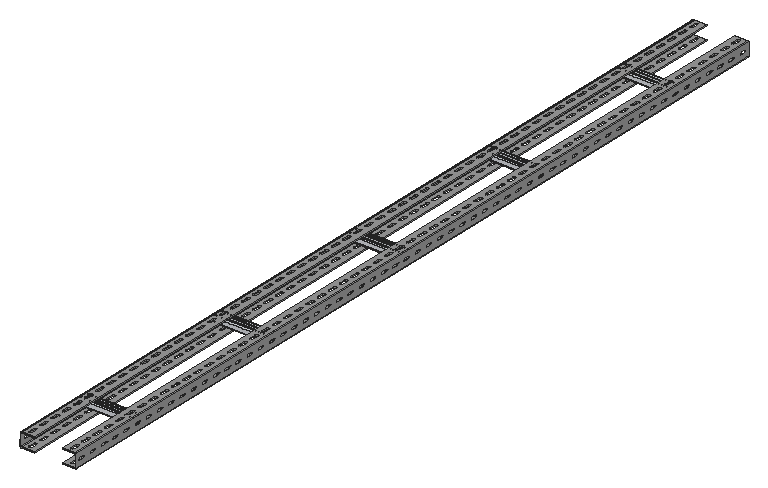
Revit family "steigeleiter_2_FT_FTSO_FTK_A2_A4.200rfa", category Generic Models, Revit 2017 (continued)
Forms (mm)
  Extrusion 151, void
    sketch origin (0, 1450, 0) x (0, 1, 0) y (0, 0, 1)
      loop
        arc (15.5, 30.5) -> (10, 25) -> (15.5, 19.5) r 5.5
        line (15.5, 19.5) -> (34.5, 19.5)
        arc (34.5, 19.5) -> (40, 25) -> (34.5, 30.5) r 5.5
        line (34.5, 30.5) -> (15.5, 30.5)
    from 97.5 to 100
  Extrusion 152, void
    sketch origin (0, 1500, 0) x (0, 1, 0) y (0, 0, 1)
      loop
        arc (15.5, 30.5) -> (10, 25) -> (15.5, 19.5) r 5.5
        line (15.5, 19.5) -> (34.5, 19.5)
        arc (34.5, 19.5) -> (40, 25) -> (34.5, 30.5) r 5.5
        line (34.5, 30.5) -> (15.5, 30.5)
    from 97.5 to 100
  Extrusion 153, void
    sketch origin (0, 1550, 0) x (0, 1, 0) y (0, 0, 1)
      loop
        arc (15.5, 30.5) -> (10, 25) -> (15.5, 19.5) r 5.5
        line (15.5, 19.5) -> (34.5, 19.5)
        arc (34.5, 19.5) -> (40, 25) -> (34.5, 30.5) r 5.5
        line (34.5, 30.5) -> (15.5, 30.5)
    from 97.5 to 100
  Extrusion 154, void
    sketch origin (0, 1600, 0) x (0, 1, 0) y (0, 0, 1)
      loop
        arc (15.5, 30.5) -> (10, 25) -> (15.5, 19.5) r 5.5
        line (15.5, 19.5) -> (34.5, 19.5)
        arc (34.5, 19.5) -> (40, 25) -> (34.5, 30.5) r 5.5
        line (34.5, 30.5) -> (15.5, 30.5)
    from 97.5 to 100
  Extrusion 155, void
    sketch origin (0, 1650, 0) x (0, 1, 0) y (0, 0, 1)
      loop
        arc (15.5, 30.5) -> (10, 25) -> (15.5, 19.5) r 5.5
        line (15.5, 19.5) -> (34.5, 19.5)
        arc (34.5, 19.5) -> (40, 25) -> (34.5, 30.5) r 5.5
        line (34.5, 30.5) -> (15.5, 30.5)
    from 97.5 to 100
  Extrusion 156, void
    sketch origin (0, 1700, 0) x (0, 1, 0) y (0, 0, 1)
      loop
        arc (15.5, 30.5) -> (10, 25) -> (15.5, 19.5) r 5.5
        line (15.5, 19.5) -> (34.5, 19.5)
        arc (34.5, 19.5) -> (40, 25) -> (34.5, 30.5) r 5.5
        line (34.5, 30.5) -> (15.5, 30.5)
    from 97.5 to 100
  Extrusion 157, void
    sketch origin (0, 1750, 0) x (0, 1, 0) y (0, 0, 1)
      loop
        arc (15.5, 30.5) -> (10, 25) -> (15.5, 19.5) r 5.5
        line (15.5, 19.5) -> (34.5, 19.5)
        arc (34.5, 19.5) -> (40, 25) -> (34.5, 30.5) r 5.5
        line (34.5, 30.5) -> (15.5, 30.5)
    from 97.5 to 100
  Extrusion 158, void
    sketch origin (0, 1800, 0) x (0, 1, 0) y (0, 0, 1)
      loop
        arc (15.5, 30.5) -> (10, 25) -> (15.5, 19.5) r 5.5
        line (15.5, 19.5) -> (34.5, 19.5)
        arc (34.5, 19.5) -> (40, 25) -> (34.5, 30.5) r 5.5
        line (34.5, 30.5) -> (15.5, 30.5)
    from 97.5 to 100
  Extrusion 159, void
    sketch origin (0, 1850, 0) x (0, 1, 0) y (0, 0, 1)
      loop
        arc (15.5, 30.5) -> (10, 25) -> (15.5, 19.5) r 5.5
        line (15.5, 19.5) -> (34.5, 19.5)
        arc (34.5, 19.5) -> (40, 25) -> (34.5, 30.5) r 5.5
        line (34.5, 30.5) -> (15.5, 30.5)
    from 97.5 to 100
  Extrusion 160, void
    sketch origin (0, 1900, 0) x (0, 1, 0) y (0, 0, 1)
      loop
        arc (15.5, 30.5) -> (10, 25) -> (15.5, 19.5) r 5.5
        line (15.5, 19.5) -> (34.5, 19.5)
        arc (34.5, 19.5) -> (40, 25) -> (34.5, 30.5) r 5.5
        line (34.5, 30.5) -> (15.5, 30.5)
    from 97.5 to 100
  Extrusion 161, void
    sketch origin (0, 1950, 0) x (0, 1, 0) y (0, 0, 1)
      loop
        arc (15.5, 30.5) -> (10, 25) -> (15.5, 19.5) r 5.5
        line (15.5, 19.5) -> (34.5, 19.5)
        arc (34.5, 19.5) -> (40, 25) -> (34.5, 30.5) r 5.5
        line (34.5, 30.5) -> (15.5, 30.5)
    from 97.5 to 100
  Extrusion 162, void
    sketch origin (0, 2000, 0) x (0, 1, 0) y (0, 0, 1)
      loop
        arc (15.5, 30.5) -> (10, 25) -> (15.5, 19.5) r 5.5
        line (15.5, 19.5) -> (34.5, 19.5)
        arc (34.5, 19.5) -> (40, 25) -> (34.5, 30.5) r 5.5
        line (34.5, 30.5) -> (15.5, 30.5)
    from 97.5 to 100
  Extrusion 163, void
    sketch origin (0, 2050, 0) x (0, 1, 0) y (0, 0, 1)
      loop
        arc (15.5, 30.5) -> (10, 25) -> (15.5, 19.5) r 5.5
        line (15.5, 19.5) -> (34.5, 19.5)
        arc (34.5, 19.5) -> (40, 25) -> (34.5, 30.5) r 5.5
        line (34.5, 30.5) -> (15.5, 30.5)
    from 97.5 to 100
  Extrusion 164, void
    sketch origin (0, 2100, 0) x (0, 1, 0) y (0, 0, 1)
      loop
        arc (15.5, 30.5) -> (10, 25) -> (15.5, 19.5) r 5.5
        line (15.5, 19.5) -> (34.5, 19.5)
        arc (34.5, 19.5) -> (40, 25) -> (34.5, 30.5) r 5.5
        line (34.5, 30.5) -> (15.5, 30.5)
    from 97.5 to 100
  Extrusion 165, void
    sketch origin (0, 2150, 0) x (0, 1, 0) y (0, 0, 1)
      loop
        arc (15.5, 30.5) -> (10, 25) -> (15.5, 19.5) r 5.5
        line (15.5, 19.5) -> (34.5, 19.5)
        arc (34.5, 19.5) -> (40, 25) -> (34.5, 30.5) r 5.5
        line (34.5, 30.5) -> (15.5, 30.5)
    from 97.5 to 100
  Extrusion 166, void
    sketch origin (0, 2200, 0) x (0, 1, 0) y (0, 0, 1)
      loop
        arc (15.5, 30.5) -> (10, 25) -> (15.5, 19.5) r 5.5
        line (15.5, 19.5) -> (34.5, 19.5)
        arc (34.5, 19.5) -> (40, 25) -> (34.5, 30.5) r 5.5
        line (34.5, 30.5) -> (15.5, 30.5)
    from 97.5 to 100
  Extrusion 167, void
    sketch origin (0, 2250, 0) x (0, 1, 0) y (0, 0, 1)
      loop
        arc (15.5, 30.5) -> (10, 25) -> (15.5, 19.5) r 5.5
        line (15.5, 19.5) -> (34.5, 19.5)
        arc (34.5, 19.5) -> (40, 25) -> (34.5, 30.5) r 5.5
        line (34.5, 30.5) -> (15.5, 30.5)
    from 97.5 to 100
  Extrusion 168, void
    sketch origin (0, 2300, 0) x (0, 1, 0) y (0, 0, 1)
      loop
        arc (15.5, 30.5) -> (10, 25) -> (15.5, 19.5) r 5.5
        line (15.5, 19.5) -> (34.5, 19.5)
        arc (34.5, 19.5) -> (40, 25) -> (34.5, 30.5) r 5.5
        line (34.5, 30.5) -> (15.5, 30.5)
    from 97.5 to 100
  Extrusion 169, void
    sketch origin (0, 2350, 0) x (0, 1, 0) y (0, 0, 1)
      loop
        arc (15.5, 30.5) -> (10, 25) -> (15.5, 19.5) r 5.5
        line (15.5, 19.5) -> (34.5, 19.5)
        arc (34.5, 19.5) -> (40, 25) -> (34.5, 30.5) r 5.5
        line (34.5, 30.5) -> (15.5, 30.5)
    from 97.5 to 100
  Extrusion 170, void
    sketch origin (0, 2400, 0) x (0, 1, 0) y (0, 0, 1)
      loop
        arc (15.5, 30.5) -> (10, 25) -> (15.5, 19.5) r 5.5
        line (15.5, 19.5) -> (34.5, 19.5)
        arc (34.5, 19.5) -> (40, 25) -> (34.5, 30.5) r 5.5
        line (34.5, 30.5) -> (15.5, 30.5)
    from 97.5 to 100
  Extrusion 171, void
    sketch origin (0, 2450, 0) x (0, 1, 0) y (0, 0, 1)
      loop
        arc (15.5, 30.5) -> (10, 25) -> (15.5, 19.5) r 5.5
        line (15.5, 19.5) -> (34.5, 19.5)
        arc (34.5, 19.5) -> (40, 25) -> (34.5, 30.5) r 5.5
        line (34.5, 30.5) -> (15.5, 30.5)
    from 97.5 to 100
  Extrusion 172, void
    sketch origin (0, 2500, 0) x (0, 1, 0) y (0, 0, 1)
      loop
        arc (15.5, 30.5) -> (10, 25) -> (15.5, 19.5) r 5.5
        line (15.5, 19.5) -> (34.5, 19.5)
        arc (34.5, 19.5) -> (40, 25) -> (34.5, 30.5) r 5.5
        line (34.5, 30.5) -> (15.5, 30.5)
    from 97.5 to 100
  Extrusion 173, void
    sketch origin (0, 2550, 0) x (0, 1, 0) y (0, 0, 1)
      loop
        arc (15.5, 30.5) -> (10, 25) -> (15.5, 19.5) r 5.5
        line (15.5, 19.5) -> (34.5, 19.5)
        arc (34.5, 19.5) -> (40, 25) -> (34.5, 30.5) r 5.5
        line (34.5, 30.5) -> (15.5, 30.5)
    from 97.5 to 100
  Extrusion 174, void
    sketch origin (0, 2600, 0) x (0, 1, 0) y (0, 0, 1)
      loop
        arc (15.5, 30.5) -> (10, 25) -> (15.5, 19.5) r 5.5
        line (15.5, 19.5) -> (34.5, 19.5)
        arc (34.5, 19.5) -> (40, 25) -> (34.5, 30.5) r 5.5
        line (34.5, 30.5) -> (15.5, 30.5)
    from 97.5 to 100
  Extrusion 175, void
    sketch origin (0, 2650, 0) x (0, 1, 0) y (0, 0, 1)
      loop
        arc (15.5, 30.5) -> (10, 25) -> (15.5, 19.5) r 5.5
        line (15.5, 19.5) -> (34.5, 19.5)
        arc (34.5, 19.5) -> (40, 25) -> (34.5, 30.5) r 5.5
        line (34.5, 30.5) -> (15.5, 30.5)
    from 97.5 to 100
  Extrusion 176, void
    sketch origin (0, 2700, 0) x (0, 1, 0) y (0, 0, 1)
      loop
        arc (15.5, 30.5) -> (10, 25) -> (15.5, 19.5) r 5.5
        line (15.5, 19.5) -> (34.5, 19.5)
        arc (34.5, 19.5) -> (40, 25) -> (34.5, 30.5) r 5.5
        line (34.5, 30.5) -> (15.5, 30.5)
    from 97.5 to 100
  Extrusion 177, void
    sketch origin (0, 2750, 0) x (0, 1, 0) y (0, 0, 1)
      loop
        arc (15.5, 30.5) -> (10, 25) -> (15.5, 19.5) r 5.5
        line (15.5, 19.5) -> (34.5, 19.5)
        arc (34.5, 19.5) -> (40, 25) -> (34.5, 30.5) r 5.5
        line (34.5, 30.5) -> (15.5, 30.5)
    from 97.5 to 100
  Extrusion 178, void
    sketch origin (0, 2800, 0) x (0, 1, 0) y (0, 0, 1)
      loop
        arc (15.5, 30.5) -> (10, 25) -> (15.5, 19.5) r 5.5
        line (15.5, 19.5) -> (34.5, 19.5)
        arc (34.5, 19.5) -> (40, 25) -> (34.5, 30.5) r 5.5
        line (34.5, 30.5) -> (15.5, 30.5)
    from 97.5 to 100
  Extrusion 179, void
    sketch origin (0, 2850, 0) x (0, 1, 0) y (0, 0, 1)
      loop
        arc (15.5, 30.5) -> (10, 25) -> (15.5, 19.5) r 5.5
        line (15.5, 19.5) -> (34.5, 19.5)
        arc (34.5, 19.5) -> (40, 25) -> (34.5, 30.5) r 5.5
        line (34.5, 30.5) -> (15.5, 30.5)
    from 97.5 to 100
  Extrusion 180, void
    sketch origin (0, 2900, 0) x (0, 1, 0) y (0, 0, 1)
      loop
        arc (15.5, 30.5) -> (10, 25) -> (15.5, 19.5) r 5.5
        line (15.5, 19.5) -> (34.5, 19.5)
        arc (34.5, 19.5) -> (40, 25) -> (34.5, 30.5) r 5.5
        line (34.5, 30.5) -> (15.5, 30.5)
    from 97.5 to 100
  Extrusion 181, void
    sketch origin (0, 2950, 0) x (0, 1, 0) y (0, 0, 1)
      loop
        arc (15.5, 30.5) -> (10, 25) -> (15.5, 19.5) r 5.5
        line (15.5, 19.5) -> (34.5, 19.5)
        arc (34.5, 19.5) -> (40, 25) -> (34.5, 30.5) r 5.5
        line (34.5, 30.5) -> (15.5, 30.5)
    from 97.5 to 100
  Extrusion 182, void
    sketch origin (0, 0, 0) x (1, 0, 0) y (0, 1, 0)
      loop
        arc (-80.5, 15.5) -> (-75, 10) -> (-69.5, 15.5) r 5.5
        line (-69.5, 15.5) -> (-69.5, 34.5)
        arc (-69.5, 34.5) -> (-75, 40) -> (-80.5, 34.5) r 5.5
        line (-80.5, 34.5) -> (-80.5, 15.5)
    from 0 to 2.5
  Extrusion 183, void
    sketch origin (0, 50, 0) x (1, 0, 0) y (0, 1, 0)
      loop
        arc (-80.5, 15.5) -> (-75, 10) -> (-69.5, 15.5) r 5.5
        line (-69.5, 15.5) -> (-69.5, 34.5)
        arc (-69.5, 34.5) -> (-75, 40) -> (-80.5, 34.5) r 5.5
        line (-80.5, 34.5) -> (-80.5, 15.5)
    from 0 to 2.5
  Extrusion 184, void
    sketch origin (0, 100, 0) x (1, 0, 0) y (0, 1, 0)
      loop
        arc (-80.5, 15.5) -> (-75, 10) -> (-69.5, 15.5) r 5.5
        line (-69.5, 15.5) -> (-69.5, 34.5)
        arc (-69.5, 34.5) -> (-75, 40) -> (-80.5, 34.5) r 5.5
        line (-80.5, 34.5) -> (-80.5, 15.5)
    from 0 to 2.5
  Extrusion 185, void
    sketch origin (0, 150, 0) x (1, 0, 0) y (0, 1, 0)
      loop
        arc (-80.5, 15.5) -> (-75, 10) -> (-69.5, 15.5) r 5.5
        line (-69.5, 15.5) -> (-69.5, 34.5)
        arc (-69.5, 34.5) -> (-75, 40) -> (-80.5, 34.5) r 5.5
        line (-80.5, 34.5) -> (-80.5, 15.5)
    from 0 to 2.5
  Extrusion 186, void
    sketch origin (0, 200, 0) x (1, 0, 0) y (0, 1, 0)
      loop
        arc (-80.5, 15.5) -> (-75, 10) -> (-69.5, 15.5) r 5.5
        line (-69.5, 15.5) -> (-69.5, 34.5)
        arc (-69.5, 34.5) -> (-75, 40) -> (-80.5, 34.5) r 5.5
        line (-80.5, 34.5) -> (-80.5, 15.5)
    from 0 to 2.5
  Extrusion 187, void
    sketch origin (0, 250, 0) x (1, 0, 0) y (0, 1, 0)
      loop
        arc (-80.5, 15.5) -> (-75, 10) -> (-69.5, 15.5) r 5.5
        line (-69.5, 15.5) -> (-69.5, 34.5)
        arc (-69.5, 34.5) -> (-75, 40) -> (-80.5, 34.5) r 5.5
        line (-80.5, 34.5) -> (-80.5, 15.5)
    from 0 to 2.5
  Extrusion 188, void
    sketch origin (0, 300, 0) x (1, 0, 0) y (0, 1, 0)
      loop
        arc (-80.5, 15.5) -> (-75, 10) -> (-69.5, 15.5) r 5.5
        line (-69.5, 15.5) -> (-69.5, 34.5)
        arc (-69.5, 34.5) -> (-75, 40) -> (-80.5, 34.5) r 5.5
        line (-80.5, 34.5) -> (-80.5, 15.5)
    from 0 to 2.5
  Extrusion 189, void
    sketch origin (0, 350, 0) x (1, 0, 0) y (0, 1, 0)
      loop
        arc (-80.5, 15.5) -> (-75, 10) -> (-69.5, 15.5) r 5.5
        line (-69.5, 15.5) -> (-69.5, 34.5)
        arc (-69.5, 34.5) -> (-75, 40) -> (-80.5, 34.5) r 5.5
        line (-80.5, 34.5) -> (-80.5, 15.5)
    from 0 to 2.5
  Extrusion 190, void
    sketch origin (0, 400, 0) x (1, 0, 0) y (0, 1, 0)
      loop
        arc (-80.5, 15.5) -> (-75, 10) -> (-69.5, 15.5) r 5.5
        line (-69.5, 15.5) -> (-69.5, 34.5)
        arc (-69.5, 34.5) -> (-75, 40) -> (-80.5, 34.5) r 5.5
        line (-80.5, 34.5) -> (-80.5, 15.5)
    from 0 to 2.5
  Extrusion 191, void
    sketch origin (0, 450, 0) x (1, 0, 0) y (0, 1, 0)
      loop
        arc (-80.5, 15.5) -> (-75, 10) -> (-69.5, 15.5) r 5.5
        line (-69.5, 15.5) -> (-69.5, 34.5)
        arc (-69.5, 34.5) -> (-75, 40) -> (-80.5, 34.5) r 5.5
        line (-80.5, 34.5) -> (-80.5, 15.5)
    from 0 to 2.5
  Extrusion 192, void
    sketch origin (0, 500, 0) x (1, 0, 0) y (0, 1, 0)
      loop
        arc (-80.5, 15.5) -> (-75, 10) -> (-69.5, 15.5) r 5.5
        line (-69.5, 15.5) -> (-69.5, 34.5)
        arc (-69.5, 34.5) -> (-75, 40) -> (-80.5, 34.5) r 5.5
        line (-80.5, 34.5) -> (-80.5, 15.5)
    from 0 to 2.5
  Extrusion 193, void
    sketch origin (0, 550, 0) x (1, 0, 0) y (0, 1, 0)
      loop
        arc (-80.5, 15.5) -> (-75, 10) -> (-69.5, 15.5) r 5.5
        line (-69.5, 15.5) -> (-69.5, 34.5)
        arc (-69.5, 34.5) -> (-75, 40) -> (-80.5, 34.5) r 5.5
        line (-80.5, 34.5) -> (-80.5, 15.5)
    from 0 to 2.5
  Extrusion 194, void
    sketch origin (0, 600, 0) x (1, 0, 0) y (0, 1, 0)
      loop
        arc (-80.5, 15.5) -> (-75, 10) -> (-69.5, 15.5) r 5.5
        line (-69.5, 15.5) -> (-69.5, 34.5)
        arc (-69.5, 34.5) -> (-75, 40) -> (-80.5, 34.5) r 5.5
        line (-80.5, 34.5) -> (-80.5, 15.5)
    from 0 to 2.5
  Extrusion 195, void
    sketch origin (0, 650, 0) x (1, 0, 0) y (0, 1, 0)
      loop
        arc (-80.5, 15.5) -> (-75, 10) -> (-69.5, 15.5) r 5.5
        line (-69.5, 15.5) -> (-69.5, 34.5)
        arc (-69.5, 34.5) -> (-75, 40) -> (-80.5, 34.5) r 5.5
        line (-80.5, 34.5) -> (-80.5, 15.5)
    from 0 to 2.5
  Extrusion 196, void
    sketch origin (0, 700, 0) x (1, 0, 0) y (0, 1, 0)
      loop
        arc (-80.5, 15.5) -> (-75, 10) -> (-69.5, 15.5) r 5.5
        line (-69.5, 15.5) -> (-69.5, 34.5)
        arc (-69.5, 34.5) -> (-75, 40) -> (-80.5, 34.5) r 5.5
        line (-80.5, 34.5) -> (-80.5, 15.5)
    from 0 to 2.5
  Extrusion 197, void
    sketch origin (0, 750, 0) x (1, 0, 0) y (0, 1, 0)
      loop
        arc (-80.5, 15.5) -> (-75, 10) -> (-69.5, 15.5) r 5.5
        line (-69.5, 15.5) -> (-69.5, 34.5)
        arc (-69.5, 34.5) -> (-75, 40) -> (-80.5, 34.5) r 5.5
        line (-80.5, 34.5) -> (-80.5, 15.5)
    from 0 to 2.5
  Extrusion 198, void
    sketch origin (0, 800, 0) x (1, 0, 0) y (0, 1, 0)
      loop
        arc (-80.5, 15.5) -> (-75, 10) -> (-69.5, 15.5) r 5.5
        line (-69.5, 15.5) -> (-69.5, 34.5)
        arc (-69.5, 34.5) -> (-75, 40) -> (-80.5, 34.5) r 5.5
        line (-80.5, 34.5) -> (-80.5, 15.5)
    from 0 to 2.5
  Extrusion 199, void
    sketch origin (0, 850, 0) x (1, 0, 0) y (0, 1, 0)
      loop
        arc (-80.5, 15.5) -> (-75, 10) -> (-69.5, 15.5) r 5.5
        line (-69.5, 15.5) -> (-69.5, 34.5)
        arc (-69.5, 34.5) -> (-75, 40) -> (-80.5, 34.5) r 5.5
        line (-80.5, 34.5) -> (-80.5, 15.5)
    from 0 to 2.5
  Extrusion 200, void
    sketch origin (0, 900, 0) x (1, 0, 0) y (0, 1, 0)
      loop
        arc (-80.5, 15.5) -> (-75, 10) -> (-69.5, 15.5) r 5.5
        line (-69.5, 15.5) -> (-69.5, 34.5)
        arc (-69.5, 34.5) -> (-75, 40) -> (-80.5, 34.5) r 5.5
        line (-80.5, 34.5) -> (-80.5, 15.5)
    from 0 to 2.5
  Extrusion 201, void
    sketch origin (0, 950, 0) x (1, 0, 0) y (0, 1, 0)
      loop
        arc (-80.5, 15.5) -> (-75, 10) -> (-69.5, 15.5) r 5.5
        line (-69.5, 15.5) -> (-69.5, 34.5)
        arc (-69.5, 34.5) -> (-75, 40) -> (-80.5, 34.5) r 5.5
        line (-80.5, 34.5) -> (-80.5, 15.5)
    from 0 to 2.5
  Extrusion 202, void
    sketch origin (0, 1000, 0) x (1, 0, 0) y (0, 1, 0)
      loop
        arc (-80.5, 15.5) -> (-75, 10) -> (-69.5, 15.5) r 5.5
        line (-69.5, 15.5) -> (-69.5, 34.5)
        arc (-69.5, 34.5) -> (-75, 40) -> (-80.5, 34.5) r 5.5
        line (-80.5, 34.5) -> (-80.5, 15.5)
    from 0 to 2.5
  Extrusion 203, void
    sketch origin (0, 1050, 0) x (1, 0, 0) y (0, 1, 0)
      loop
        arc (-80.5, 15.5) -> (-75, 10) -> (-69.5, 15.5) r 5.5
        line (-69.5, 15.5) -> (-69.5, 34.5)
        arc (-69.5, 34.5) -> (-75, 40) -> (-80.5, 34.5) r 5.5
        line (-80.5, 34.5) -> (-80.5, 15.5)
    from 0 to 2.5
  Extrusion 204, void
    sketch origin (0, 1100, 0) x (1, 0, 0) y (0, 1, 0)
      loop
        arc (-80.5, 15.5) -> (-75, 10) -> (-69.5, 15.5) r 5.5
        line (-69.5, 15.5) -> (-69.5, 34.5)
        arc (-69.5, 34.5) -> (-75, 40) -> (-80.5, 34.5) r 5.5
        line (-80.5, 34.5) -> (-80.5, 15.5)
    from 0 to 2.5
  Extrusion 205, void
    sketch origin (0, 1150, 0) x (1, 0, 0) y (0, 1, 0)
      loop
        arc (-80.5, 15.5) -> (-75, 10) -> (-69.5, 15.5) r 5.5
        line (-69.5, 15.5) -> (-69.5, 34.5)
        arc (-69.5, 34.5) -> (-75, 40) -> (-80.5, 34.5) r 5.5
        line (-80.5, 34.5) -> (-80.5, 15.5)
    from 0 to 2.5
  Extrusion 206, void
    sketch origin (0, 1200, 0) x (1, 0, 0) y (0, 1, 0)
      loop
        arc (-80.5, 15.5) -> (-75, 10) -> (-69.5, 15.5) r 5.5
        line (-69.5, 15.5) -> (-69.5, 34.5)
        arc (-69.5, 34.5) -> (-75, 40) -> (-80.5, 34.5) r 5.5
        line (-80.5, 34.5) -> (-80.5, 15.5)
    from 0 to 2.5
  Extrusion 207, void
    sketch origin (0, 1250, 0) x (1, 0, 0) y (0, 1, 0)
      loop
        arc (-80.5, 15.5) -> (-75, 10) -> (-69.5, 15.5) r 5.5
        line (-69.5, 15.5) -> (-69.5, 34.5)
        arc (-69.5, 34.5) -> (-75, 40) -> (-80.5, 34.5) r 5.5
        line (-80.5, 34.5) -> (-80.5, 15.5)
    from 0 to 2.5
  Extrusion 208, void
    sketch origin (0, 1300, 0) x (1, 0, 0) y (0, 1, 0)
      loop
        arc (-80.5, 15.5) -> (-75, 10) -> (-69.5, 15.5) r 5.5
        line (-69.5, 15.5) -> (-69.5, 34.5)
        arc (-69.5, 34.5) -> (-75, 40) -> (-80.5, 34.5) r 5.5
        line (-80.5, 34.5) -> (-80.5, 15.5)
    from 0 to 2.5
  Extrusion 209, void
    sketch origin (0, 1350, 0) x (1, 0, 0) y (0, 1, 0)
      loop
        arc (-80.5, 15.5) -> (-75, 10) -> (-69.5, 15.5) r 5.5
        line (-69.5, 15.5) -> (-69.5, 34.5)
        arc (-69.5, 34.5) -> (-75, 40) -> (-80.5, 34.5) r 5.5
        line (-80.5, 34.5) -> (-80.5, 15.5)
    from 0 to 2.5
  Extrusion 210, void
    sketch origin (0, 1400, 0) x (1, 0, 0) y (0, 1, 0)
      loop
        arc (-80.5, 15.5) -> (-75, 10) -> (-69.5, 15.5) r 5.5
        line (-69.5, 15.5) -> (-69.5, 34.5)
        arc (-69.5, 34.5) -> (-75, 40) -> (-80.5, 34.5) r 5.5
        line (-80.5, 34.5) -> (-80.5, 15.5)
    from 0 to 2.5
  Extrusion 211, void
    sketch origin (0, 1450, 0) x (1, 0, 0) y (0, 1, 0)
      loop
        arc (-80.5, 15.5) -> (-75, 10) -> (-69.5, 15.5) r 5.5
        line (-69.5, 15.5) -> (-69.5, 34.5)
        arc (-69.5, 34.5) -> (-75, 40) -> (-80.5, 34.5) r 5.5
        line (-80.5, 34.5) -> (-80.5, 15.5)
    from 0 to 2.5
  Extrusion 212, void
    sketch origin (0, 1500, 0) x (1, 0, 0) y (0, 1, 0)
      loop
        arc (-80.5, 15.5) -> (-75, 10) -> (-69.5, 15.5) r 5.5
        line (-69.5, 15.5) -> (-69.5, 34.5)
        arc (-69.5, 34.5) -> (-75, 40) -> (-80.5, 34.5) r 5.5
        line (-80.5, 34.5) -> (-80.5, 15.5)
    from 0 to 2.5
  Extrusion 213, void
    sketch origin (0, 1550, 0) x (1, 0, 0) y (0, 1, 0)
      loop
        arc (-80.5, 15.5) -> (-75, 10) -> (-69.5, 15.5) r 5.5
        line (-69.5, 15.5) -> (-69.5, 34.5)
        arc (-69.5, 34.5) -> (-75, 40) -> (-80.5, 34.5) r 5.5
        line (-80.5, 34.5) -> (-80.5, 15.5)
    from 0 to 2.5
  Extrusion 214, void
    sketch origin (0, 1600, 0) x (1, 0, 0) y (0, 1, 0)
      loop
        arc (-80.5, 15.5) -> (-75, 10) -> (-69.5, 15.5) r 5.5
        line (-69.5, 15.5) -> (-69.5, 34.5)
        arc (-69.5, 34.5) -> (-75, 40) -> (-80.5, 34.5) r 5.5
        line (-80.5, 34.5) -> (-80.5, 15.5)
    from 0 to 2.5
  Extrusion 215, void
    sketch origin (0, 1650, 0) x (1, 0, 0) y (0, 1, 0)
      loop
        arc (-80.5, 15.5) -> (-75, 10) -> (-69.5, 15.5) r 5.5
        line (-69.5, 15.5) -> (-69.5, 34.5)
        arc (-69.5, 34.5) -> (-75, 40) -> (-80.5, 34.5) r 5.5
        line (-80.5, 34.5) -> (-80.5, 15.5)
    from 0 to 2.5
  Extrusion 216, void
    sketch origin (0, 1700, 0) x (1, 0, 0) y (0, 1, 0)
      loop
        arc (-80.5, 15.5) -> (-75, 10) -> (-69.5, 15.5) r 5.5
        line (-69.5, 15.5) -> (-69.5, 34.5)
        arc (-69.5, 34.5) -> (-75, 40) -> (-80.5, 34.5) r 5.5
        line (-80.5, 34.5) -> (-80.5, 15.5)
    from 0 to 2.5
  Extrusion 217, void
    sketch origin (0, 1750, 0) x (1, 0, 0) y (0, 1, 0)
      loop
        arc (-80.5, 15.5) -> (-75, 10) -> (-69.5, 15.5) r 5.5
        line (-69.5, 15.5) -> (-69.5, 34.5)
        arc (-69.5, 34.5) -> (-75, 40) -> (-80.5, 34.5) r 5.5
        line (-80.5, 34.5) -> (-80.5, 15.5)
    from 0 to 2.5
  Extrusion 218, void
    sketch origin (0, 1800, 0) x (1, 0, 0) y (0, 1, 0)
      loop
        arc (-80.5, 15.5) -> (-75, 10) -> (-69.5, 15.5) r 5.5
        line (-69.5, 15.5) -> (-69.5, 34.5)
        arc (-69.5, 34.5) -> (-75, 40) -> (-80.5, 34.5) r 5.5
        line (-80.5, 34.5) -> (-80.5, 15.5)
    from 0 to 2.5
  Extrusion 219, void
    sketch origin (0, 1850, 0) x (1, 0, 0) y (0, 1, 0)
      loop
        arc (-80.5, 15.5) -> (-75, 10) -> (-69.5, 15.5) r 5.5
        line (-69.5, 15.5) -> (-69.5, 34.5)
        arc (-69.5, 34.5) -> (-75, 40) -> (-80.5, 34.5) r 5.5
        line (-80.5, 34.5) -> (-80.5, 15.5)
    from 0 to 2.5
  Extrusion 220, void
    sketch origin (0, 1900, 0) x (1, 0, 0) y (0, 1, 0)
      loop
        arc (-80.5, 15.5) -> (-75, 10) -> (-69.5, 15.5) r 5.5
        line (-69.5, 15.5) -> (-69.5, 34.5)
        arc (-69.5, 34.5) -> (-75, 40) -> (-80.5, 34.5) r 5.5
        line (-80.5, 34.5) -> (-80.5, 15.5)
    from 0 to 2.5
  Extrusion 221, void
    sketch origin (0, 1950, 0) x (1, 0, 0) y (0, 1, 0)
      loop
        arc (-80.5, 15.5) -> (-75, 10) -> (-69.5, 15.5) r 5.5
        line (-69.5, 15.5) -> (-69.5, 34.5)
        arc (-69.5, 34.5) -> (-75, 40) -> (-80.5, 34.5) r 5.5
        line (-80.5, 34.5) -> (-80.5, 15.5)
    from 0 to 2.5
  Extrusion 222, void
    sketch origin (0, 2000, 0) x (1, 0, 0) y (0, 1, 0)
      loop
        arc (-80.5, 15.5) -> (-75, 10) -> (-69.5, 15.5) r 5.5
        line (-69.5, 15.5) -> (-69.5, 34.5)
        arc (-69.5, 34.5) -> (-75, 40) -> (-80.5, 34.5) r 5.5
        line (-80.5, 34.5) -> (-80.5, 15.5)
    from 0 to 2.5
  Extrusion 223, void
    sketch origin (0, 2050, 0) x (1, 0, 0) y (0, 1, 0)
      loop
        arc (-80.5, 15.5) -> (-75, 10) -> (-69.5, 15.5) r 5.5
        line (-69.5, 15.5) -> (-69.5, 34.5)
        arc (-69.5, 34.5) -> (-75, 40) -> (-80.5, 34.5) r 5.5
        line (-80.5, 34.5) -> (-80.5, 15.5)
    from 0 to 2.5
  Extrusion 224, void
    sketch origin (0, 2100, 0) x (1, 0, 0) y (0, 1, 0)
      loop
        arc (-80.5, 15.5) -> (-75, 10) -> (-69.5, 15.5) r 5.5
        line (-69.5, 15.5) -> (-69.5, 34.5)
        arc (-69.5, 34.5) -> (-75, 40) -> (-80.5, 34.5) r 5.5
        line (-80.5, 34.5) -> (-80.5, 15.5)
    from 0 to 2.5
  Extrusion 225, void
    sketch origin (0, 2150, 0) x (1, 0, 0) y (0, 1, 0)
      loop
        arc (-80.5, 15.5) -> (-75, 10) -> (-69.5, 15.5) r 5.5
        line (-69.5, 15.5) -> (-69.5, 34.5)
        arc (-69.5, 34.5) -> (-75, 40) -> (-80.5, 34.5) r 5.5
        line (-80.5, 34.5) -> (-80.5, 15.5)
    from 0 to 2.5
  Extrusion 226, void
    sketch origin (0, 2200, 0) x (1, 0, 0) y (0, 1, 0)
      loop
        arc (-80.5, 15.5) -> (-75, 10) -> (-69.5, 15.5) r 5.5
        line (-69.5, 15.5) -> (-69.5, 34.5)
        arc (-69.5, 34.5) -> (-75, 40) -> (-80.5, 34.5) r 5.5
        line (-80.5, 34.5) -> (-80.5, 15.5)
    from 0 to 2.5
  Extrusion 227, void
    sketch origin (0, 2250, 0) x (1, 0, 0) y (0, 1, 0)
      loop
        arc (-80.5, 15.5) -> (-75, 10) -> (-69.5, 15.5) r 5.5
        line (-69.5, 15.5) -> (-69.5, 34.5)
        arc (-69.5, 34.5) -> (-75, 40) -> (-80.5, 34.5) r 5.5
        line (-80.5, 34.5) -> (-80.5, 15.5)
    from 0 to 2.5
  Extrusion 228, void
    sketch origin (0, 2300, 0) x (1, 0, 0) y (0, 1, 0)
      loop
        arc (-80.5, 15.5) -> (-75, 10) -> (-69.5, 15.5) r 5.5
        line (-69.5, 15.5) -> (-69.5, 34.5)
        arc (-69.5, 34.5) -> (-75, 40) -> (-80.5, 34.5) r 5.5
        line (-80.5, 34.5) -> (-80.5, 15.5)
    from 0 to 2.5
  Extrusion 229, void
    sketch origin (0, 2350, 0) x (1, 0, 0) y (0, 1, 0)
      loop
        arc (-80.5, 15.5) -> (-75, 10) -> (-69.5, 15.5) r 5.5
        line (-69.5, 15.5) -> (-69.5, 34.5)
        arc (-69.5, 34.5) -> (-75, 40) -> (-80.5, 34.5) r 5.5
        line (-80.5, 34.5) -> (-80.5, 15.5)
    from 0 to 2.5
  Extrusion 230, void
    sketch origin (0, 2400, 0) x (1, 0, 0) y (0, 1, 0)
      loop
        arc (-80.5, 15.5) -> (-75, 10) -> (-69.5, 15.5) r 5.5
        line (-69.5, 15.5) -> (-69.5, 34.5)
        arc (-69.5, 34.5) -> (-75, 40) -> (-80.5, 34.5) r 5.5
        line (-80.5, 34.5) -> (-80.5, 15.5)
    from 0 to 2.5
  Extrusion 231, void
    sketch origin (0, 2450, 0) x (1, 0, 0) y (0, 1, 0)
      loop
        arc (-80.5, 15.5) -> (-75, 10) -> (-69.5, 15.5) r 5.5
        line (-69.5, 15.5) -> (-69.5, 34.5)
        arc (-69.5, 34.5) -> (-75, 40) -> (-80.5, 34.5) r 5.5
        line (-80.5, 34.5) -> (-80.5, 15.5)
    from 0 to 2.5
  Extrusion 232, void
    sketch origin (0, 2500, 0) x (1, 0, 0) y (0, 1, 0)
      loop
        arc (-80.5, 15.5) -> (-75, 10) -> (-69.5, 15.5) r 5.5
        line (-69.5, 15.5) -> (-69.5, 34.5)
        arc (-69.5, 34.5) -> (-75, 40) -> (-80.5, 34.5) r 5.5
        line (-80.5, 34.5) -> (-80.5, 15.5)
    from 0 to 2.5
  Extrusion 233, void
    sketch origin (0, 2550, 0) x (1, 0, 0) y (0, 1, 0)
      loop
        arc (-80.5, 15.5) -> (-75, 10) -> (-69.5, 15.5) r 5.5
        line (-69.5, 15.5) -> (-69.5, 34.5)
        arc (-69.5, 34.5) -> (-75, 40) -> (-80.5, 34.5) r 5.5
        line (-80.5, 34.5) -> (-80.5, 15.5)
    from 0 to 2.5
  Extrusion 234, void
    sketch origin (0, 2600, 0) x (1, 0, 0) y (0, 1, 0)
      loop
        arc (-80.5, 15.5) -> (-75, 10) -> (-69.5, 15.5) r 5.5
        line (-69.5, 15.5) -> (-69.5, 34.5)
        arc (-69.5, 34.5) -> (-75, 40) -> (-80.5, 34.5) r 5.5
        line (-80.5, 34.5) -> (-80.5, 15.5)
    from 0 to 2.5
  Extrusion 235, void
    sketch origin (0, 2650, 0) x (1, 0, 0) y (0, 1, 0)
      loop
        arc (-80.5, 15.5) -> (-75, 10) -> (-69.5, 15.5) r 5.5
        line (-69.5, 15.5) -> (-69.5, 34.5)
        arc (-69.5, 34.5) -> (-75, 40) -> (-80.5, 34.5) r 5.5
        line (-80.5, 34.5) -> (-80.5, 15.5)
    from 0 to 2.5
  Extrusion 236, void
    sketch origin (0, 2700, 0) x (1, 0, 0) y (0, 1, 0)
      loop
        arc (-80.5, 15.5) -> (-75, 10) -> (-69.5, 15.5) r 5.5
        line (-69.5, 15.5) -> (-69.5, 34.5)
        arc (-69.5, 34.5) -> (-75, 40) -> (-80.5, 34.5) r 5.5
        line (-80.5, 34.5) -> (-80.5, 15.5)
    from 0 to 2.5
  Extrusion 237, void
    sketch origin (0, 2750, 0) x (1, 0, 0) y (0, 1, 0)
      loop
        arc (-80.5, 15.5) -> (-75, 10) -> (-69.5, 15.5) r 5.5
        line (-69.5, 15.5) -> (-69.5, 34.5)
        arc (-69.5, 34.5) -> (-75, 40) -> (-80.5, 34.5) r 5.5
        line (-80.5, 34.5) -> (-80.5, 15.5)
    from 0 to 2.5
  Extrusion 238, void
    sketch origin (0, 2800, 0) x (1, 0, 0) y (0, 1, 0)
      loop
        arc (-80.5, 15.5) -> (-75, 10) -> (-69.5, 15.5) r 5.5
        line (-69.5, 15.5) -> (-69.5, 34.5)
        arc (-69.5, 34.5) -> (-75, 40) -> (-80.5, 34.5) r 5.5
        line (-80.5, 34.5) -> (-80.5, 15.5)
    from 0 to 2.5
  Extrusion 239, void
    sketch origin (0, 2850, 0) x (1, 0, 0) y (0, 1, 0)
      loop
        arc (-80.5, 15.5) -> (-75, 10) -> (-69.5, 15.5) r 5.5
        line (-69.5, 15.5) -> (-69.5, 34.5)
        arc (-69.5, 34.5) -> (-75, 40) -> (-80.5, 34.5) r 5.5
        line (-80.5, 34.5) -> (-80.5, 15.5)
    from 0 to 2.5
  Extrusion 240, void
    sketch origin (0, 2900, 0) x (1, 0, 0) y (0, 1, 0)
      loop
        arc (-80.5, 15.5) -> (-75, 10) -> (-69.5, 15.5) r 5.5
        line (-69.5, 15.5) -> (-69.5, 34.5)
        arc (-69.5, 34.5) -> (-75, 40) -> (-80.5, 34.5) r 5.5
        line (-80.5, 34.5) -> (-80.5, 15.5)
    from 0 to 2.5
  Extrusion 241, void
    sketch origin (0, 2950, 0) x (1, 0, 0) y (0, 1, 0)
      loop
        arc (-80.5, 15.5) -> (-75, 10) -> (-69.5, 15.5) r 5.5
        line (-69.5, 15.5) -> (-69.5, 34.5)
        arc (-69.5, 34.5) -> (-75, 40) -> (-80.5, 34.5) r 5.5
        line (-80.5, 34.5) -> (-80.5, 15.5)
    from 0 to 2.5
  Extrusion 242, void
    sketch origin (0, 0, 0) x (1, 0, 0) y (0, 1, 0)
      loop
        line (80.5, 15.5) -> (80.5, 34.5)
        arc (80.5, 34.5) -> (75, 40) -> (69.5, 34.5) r 5.5
        line (69.5, 34.5) -> (69.5, 15.5)
        arc (69.5, 15.5) -> (75, 10) -> (80.5, 15.5) r 5.5
    from 0 to 2.5
  Extrusion 243, void
    sketch origin (0, 50, 0) x (1, 0, 0) y (0, 1, 0)
      loop
        line (80.5, 15.5) -> (80.5, 34.5)
        arc (80.5, 34.5) -> (75, 40) -> (69.5, 34.5) r 5.5
        line (69.5, 34.5) -> (69.5, 15.5)
        arc (69.5, 15.5) -> (75, 10) -> (80.5, 15.5) r 5.5
    from 0 to 2.5
  Extrusion 244, void
    sketch origin (0, 100, 0) x (1, 0, 0) y (0, 1, 0)
      loop
        line (80.5, 15.5) -> (80.5, 34.5)
        arc (80.5, 34.5) -> (75, 40) -> (69.5, 34.5) r 5.5
        line (69.5, 34.5) -> (69.5, 15.5)
        arc (69.5, 15.5) -> (75, 10) -> (80.5, 15.5) r 5.5
    from 0 to 2.5
  Extrusion 245, void
    sketch origin (0, 150, 0) x (1, 0, 0) y (0, 1, 0)
      loop
        line (80.5, 15.5) -> (80.5, 34.5)
        arc (80.5, 34.5) -> (75, 40) -> (69.5, 34.5) r 5.5
        line (69.5, 34.5) -> (69.5, 15.5)
        arc (69.5, 15.5) -> (75, 10) -> (80.5, 15.5) r 5.5
    from 0 to 2.5
  Extrusion 246, void
    sketch origin (0, 200, 0) x (1, 0, 0) y (0, 1, 0)
      loop
        line (80.5, 15.5) -> (80.5, 34.5)
        arc (80.5, 34.5) -> (75, 40) -> (69.5, 34.5) r 5.5
        line (69.5, 34.5) -> (69.5, 15.5)
        arc (69.5, 15.5) -> (75, 10) -> (80.5, 15.5) r 5.5
    from 0 to 2.5
  Extrusion 247, void
    sketch origin (0, 250, 0) x (1, 0, 0) y (0, 1, 0)
      loop
        line (80.5, 15.5) -> (80.5, 34.5)
        arc (80.5, 34.5) -> (75, 40) -> (69.5, 34.5) r 5.5
        line (69.5, 34.5) -> (69.5, 15.5)
        arc (69.5, 15.5) -> (75, 10) -> (80.5, 15.5) r 5.5
    from 0 to 2.5
  Extrusion 248, void
    sketch origin (0, 300, 0) x (1, 0, 0) y (0, 1, 0)
      loop
        line (80.5, 15.5) -> (80.5, 34.5)
        arc (80.5, 34.5) -> (75, 40) -> (69.5, 34.5) r 5.5
        line (69.5, 34.5) -> (69.5, 15.5)
        arc (69.5, 15.5) -> (75, 10) -> (80.5, 15.5) r 5.5
    from 0 to 2.5
  Extrusion 249, void
    sketch origin (0, 350, 0) x (1, 0, 0) y (0, 1, 0)
      loop
        line (80.5, 15.5) -> (80.5, 34.5)
        arc (80.5, 34.5) -> (75, 40) -> (69.5, 34.5) r 5.5
        line (69.5, 34.5) -> (69.5, 15.5)
        arc (69.5, 15.5) -> (75, 10) -> (80.5, 15.5) r 5.5
    from 0 to 2.5
  Extrusion 250, void
    sketch origin (0, 400, 0) x (1, 0, 0) y (0, 1, 0)
      loop
        line (80.5, 15.5) -> (80.5, 34.5)
        arc (80.5, 34.5) -> (75, 40) -> (69.5, 34.5) r 5.5
        line (69.5, 34.5) -> (69.5, 15.5)
        arc (69.5, 15.5) -> (75, 10) -> (80.5, 15.5) r 5.5
    from 0 to 2.5
  Extrusion 251, void
    sketch origin (0, 450, 0) x (1, 0, 0) y (0, 1, 0)
      loop
        line (80.5, 15.5) -> (80.5, 34.5)
        arc (80.5, 34.5) -> (75, 40) -> (69.5, 34.5) r 5.5
        line (69.5, 34.5) -> (69.5, 15.5)
        arc (69.5, 15.5) -> (75, 10) -> (80.5, 15.5) r 5.5
    from 0 to 2.5
  Extrusion 252, void
    sketch origin (0, 500, 0) x (1, 0, 0) y (0, 1, 0)
      loop
        line (80.5, 15.5) -> (80.5, 34.5)
        arc (80.5, 34.5) -> (75, 40) -> (69.5, 34.5) r 5.5
        line (69.5, 34.5) -> (69.5, 15.5)
        arc (69.5, 15.5) -> (75, 10) -> (80.5, 15.5) r 5.5
    from 0 to 2.5
  Extrusion 253, void
    sketch origin (0, 550, 0) x (1, 0, 0) y (0, 1, 0)
      loop
        line (80.5, 15.5) -> (80.5, 34.5)
        arc (80.5, 34.5) -> (75, 40) -> (69.5, 34.5) r 5.5
        line (69.5, 34.5) -> (69.5, 15.5)
        arc (69.5, 15.5) -> (75, 10) -> (80.5, 15.5) r 5.5
    from 0 to 2.5
  Extrusion 254, void
    sketch origin (0, 600, 0) x (1, 0, 0) y (0, 1, 0)
      loop
        line (80.5, 15.5) -> (80.5, 34.5)
        arc (80.5, 34.5) -> (75, 40) -> (69.5, 34.5) r 5.5
        line (69.5, 34.5) -> (69.5, 15.5)
        arc (69.5, 15.5) -> (75, 10) -> (80.5, 15.5) r 5.5
    from 0 to 2.5
  Extrusion 255, void
    sketch origin (0, 650, 0) x (1, 0, 0) y (0, 1, 0)
      loop
        line (80.5, 15.5) -> (80.5, 34.5)
        arc (80.5, 34.5) -> (75, 40) -> (69.5, 34.5) r 5.5
        line (69.5, 34.5) -> (69.5, 15.5)
        arc (69.5, 15.5) -> (75, 10) -> (80.5, 15.5) r 5.5
    from 0 to 2.5
  Extrusion 256, void
    sketch origin (0, 700, 0) x (1, 0, 0) y (0, 1, 0)
      loop
        line (80.5, 15.5) -> (80.5, 34.5)
        arc (80.5, 34.5) -> (75, 40) -> (69.5, 34.5) r 5.5
        line (69.5, 34.5) -> (69.5, 15.5)
        arc (69.5, 15.5) -> (75, 10) -> (80.5, 15.5) r 5.5
    from 0 to 2.5
  Extrusion 257, void
    sketch origin (0, 750, 0) x (1, 0, 0) y (0, 1, 0)
      loop
        line (80.5, 15.5) -> (80.5, 34.5)
        arc (80.5, 34.5) -> (75, 40) -> (69.5, 34.5) r 5.5
        line (69.5, 34.5) -> (69.5, 15.5)
        arc (69.5, 15.5) -> (75, 10) -> (80.5, 15.5) r 5.5
    from 0 to 2.5
  Extrusion 258, void
    sketch origin (0, 800, 0) x (1, 0, 0) y (0, 1, 0)
      loop
        line (80.5, 15.5) -> (80.5, 34.5)
        arc (80.5, 34.5) -> (75, 40) -> (69.5, 34.5) r 5.5
        line (69.5, 34.5) -> (69.5, 15.5)
        arc (69.5, 15.5) -> (75, 10) -> (80.5, 15.5) r 5.5
    from 0 to 2.5
  Extrusion 259, void
    sketch origin (0, 850, 0) x (1, 0, 0) y (0, 1, 0)
      loop
        line (80.5, 15.5) -> (80.5, 34.5)
        arc (80.5, 34.5) -> (75, 40) -> (69.5, 34.5) r 5.5
        line (69.5, 34.5) -> (69.5, 15.5)
        arc (69.5, 15.5) -> (75, 10) -> (80.5, 15.5) r 5.5
    from 0 to 2.5
  Extrusion 260, void
    sketch origin (0, 900, 0) x (1, 0, 0) y (0, 1, 0)
      loop
        line (80.5, 15.5) -> (80.5, 34.5)
        arc (80.5, 34.5) -> (75, 40) -> (69.5, 34.5) r 5.5
        line (69.5, 34.5) -> (69.5, 15.5)
        arc (69.5, 15.5) -> (75, 10) -> (80.5, 15.5) r 5.5
    from 0 to 2.5
  Extrusion 261, void
    sketch origin (0, 950, 0) x (1, 0, 0) y (0, 1, 0)
      loop
        line (80.5, 15.5) -> (80.5, 34.5)
        arc (80.5, 34.5) -> (75, 40) -> (69.5, 34.5) r 5.5
        line (69.5, 34.5) -> (69.5, 15.5)
        arc (69.5, 15.5) -> (75, 10) -> (80.5, 15.5) r 5.5
    from 0 to 2.5
  Extrusion 262, void
    sketch origin (0, 1000, 0) x (1, 0, 0) y (0, 1, 0)
      loop
        line (80.5, 15.5) -> (80.5, 34.5)
        arc (80.5, 34.5) -> (75, 40) -> (69.5, 34.5) r 5.5
        line (69.5, 34.5) -> (69.5, 15.5)
        arc (69.5, 15.5) -> (75, 10) -> (80.5, 15.5) r 5.5
    from 0 to 2.5
  Extrusion 263, void
    sketch origin (0, 1050, 0) x (1, 0, 0) y (0, 1, 0)
      loop
        line (80.5, 15.5) -> (80.5, 34.5)
        arc (80.5, 34.5) -> (75, 40) -> (69.5, 34.5) r 5.5
        line (69.5, 34.5) -> (69.5, 15.5)
        arc (69.5, 15.5) -> (75, 10) -> (80.5, 15.5) r 5.5
    from 0 to 2.5
  Extrusion 264, void
    sketch origin (0, 1100, 0) x (1, 0, 0) y (0, 1, 0)
      loop
        line (80.5, 15.5) -> (80.5, 34.5)
        arc (80.5, 34.5) -> (75, 40) -> (69.5, 34.5) r 5.5
        line (69.5, 34.5) -> (69.5, 15.5)
        arc (69.5, 15.5) -> (75, 10) -> (80.5, 15.5) r 5.5
    from 0 to 2.5
  Extrusion 265, void
    sketch origin (0, 1150, 0) x (1, 0, 0) y (0, 1, 0)
      loop
        line (80.5, 15.5) -> (80.5, 34.5)
        arc (80.5, 34.5) -> (75, 40) -> (69.5, 34.5) r 5.5
        line (69.5, 34.5) -> (69.5, 15.5)
        arc (69.5, 15.5) -> (75, 10) -> (80.5, 15.5) r 5.5
    from 0 to 2.5
  Extrusion 266, void
    sketch origin (0, 1200, 0) x (1, 0, 0) y (0, 1, 0)
      loop
        line (80.5, 15.5) -> (80.5, 34.5)
        arc (80.5, 34.5) -> (75, 40) -> (69.5, 34.5) r 5.5
        line (69.5, 34.5) -> (69.5, 15.5)
        arc (69.5, 15.5) -> (75, 10) -> (80.5, 15.5) r 5.5
    from 0 to 2.5
  Extrusion 267, void
    sketch origin (0, 1250, 0) x (1, 0, 0) y (0, 1, 0)
      loop
        line (80.5, 15.5) -> (80.5, 34.5)
        arc (80.5, 34.5) -> (75, 40) -> (69.5, 34.5) r 5.5
        line (69.5, 34.5) -> (69.5, 15.5)
        arc (69.5, 15.5) -> (75, 10) -> (80.5, 15.5) r 5.5
    from 0 to 2.5
  Extrusion 268, void
    sketch origin (0, 1300, 0) x (1, 0, 0) y (0, 1, 0)
      loop
        line (80.5, 15.5) -> (80.5, 34.5)
        arc (80.5, 34.5) -> (75, 40) -> (69.5, 34.5) r 5.5
        line (69.5, 34.5) -> (69.5, 15.5)
        arc (69.5, 15.5) -> (75, 10) -> (80.5, 15.5) r 5.5
    from 0 to 2.5
  Extrusion 269, void
    sketch origin (0, 1350, 0) x (1, 0, 0) y (0, 1, 0)
      loop
        line (80.5, 15.5) -> (80.5, 34.5)
        arc (80.5, 34.5) -> (75, 40) -> (69.5, 34.5) r 5.5
        line (69.5, 34.5) -> (69.5, 15.5)
        arc (69.5, 15.5) -> (75, 10) -> (80.5, 15.5) r 5.5
    from 0 to 2.5
  Extrusion 270, void
    sketch origin (0, 1400, 0) x (1, 0, 0) y (0, 1, 0)
      loop
        line (80.5, 15.5) -> (80.5, 34.5)
        arc (80.5, 34.5) -> (75, 40) -> (69.5, 34.5) r 5.5
        line (69.5, 34.5) -> (69.5, 15.5)
        arc (69.5, 15.5) -> (75, 10) -> (80.5, 15.5) r 5.5
    from 0 to 2.5
  Extrusion 271, void
    sketch origin (0, 1450, 0) x (1, 0, 0) y (0, 1, 0)
      loop
        line (80.5, 15.5) -> (80.5, 34.5)
        arc (80.5, 34.5) -> (75, 40) -> (69.5, 34.5) r 5.5
        line (69.5, 34.5) -> (69.5, 15.5)
        arc (69.5, 15.5) -> (75, 10) -> (80.5, 15.5) r 5.5
    from 0 to 2.5
  Extrusion 272, void
    sketch origin (0, 1500, 0) x (1, 0, 0) y (0, 1, 0)
      loop
        line (80.5, 15.5) -> (80.5, 34.5)
        arc (80.5, 34.5) -> (75, 40) -> (69.5, 34.5) r 5.5
        line (69.5, 34.5) -> (69.5, 15.5)
        arc (69.5, 15.5) -> (75, 10) -> (80.5, 15.5) r 5.5
    from 0 to 2.5
  Extrusion 273, void
    sketch origin (0, 1550, 0) x (1, 0, 0) y (0, 1, 0)
      loop
        line (80.5, 15.5) -> (80.5, 34.5)
        arc (80.5, 34.5) -> (75, 40) -> (69.5, 34.5) r 5.5
        line (69.5, 34.5) -> (69.5, 15.5)
        arc (69.5, 15.5) -> (75, 10) -> (80.5, 15.5) r 5.5
    from 0 to 2.5
  Extrusion 274, void
    sketch origin (0, 1600, 0) x (1, 0, 0) y (0, 1, 0)
      loop
        line (80.5, 15.5) -> (80.5, 34.5)
        arc (80.5, 34.5) -> (75, 40) -> (69.5, 34.5) r 5.5
        line (69.5, 34.5) -> (69.5, 15.5)
        arc (69.5, 15.5) -> (75, 10) -> (80.5, 15.5) r 5.5
    from 0 to 2.5
  Extrusion 275, void
    sketch origin (0, 1650, 0) x (1, 0, 0) y (0, 1, 0)
      loop
        line (80.5, 15.5) -> (80.5, 34.5)
        arc (80.5, 34.5) -> (75, 40) -> (69.5, 34.5) r 5.5
        line (69.5, 34.5) -> (69.5, 15.5)
        arc (69.5, 15.5) -> (75, 10) -> (80.5, 15.5) r 5.5
    from 0 to 2.5
  Extrusion 276, void
    sketch origin (0, 1700, 0) x (1, 0, 0) y (0, 1, 0)
      loop
        line (80.5, 15.5) -> (80.5, 34.5)
        arc (80.5, 34.5) -> (75, 40) -> (69.5, 34.5) r 5.5
        line (69.5, 34.5) -> (69.5, 15.5)
        arc (69.5, 15.5) -> (75, 10) -> (80.5, 15.5) r 5.5
    from 0 to 2.5
  Extrusion 277, void
    sketch origin (0, 1750, 0) x (1, 0, 0) y (0, 1, 0)
      loop
        line (80.5, 15.5) -> (80.5, 34.5)
        arc (80.5, 34.5) -> (75, 40) -> (69.5, 34.5) r 5.5
        line (69.5, 34.5) -> (69.5, 15.5)
        arc (69.5, 15.5) -> (75, 10) -> (80.5, 15.5) r 5.5
    from 0 to 2.5
  Extrusion 278, void
    sketch origin (0, 1800, 0) x (1, 0, 0) y (0, 1, 0)
      loop
        line (80.5, 15.5) -> (80.5, 34.5)
        arc (80.5, 34.5) -> (75, 40) -> (69.5, 34.5) r 5.5
        line (69.5, 34.5) -> (69.5, 15.5)
        arc (69.5, 15.5) -> (75, 10) -> (80.5, 15.5) r 5.5
    from 0 to 2.5
  Extrusion 279, void
    sketch origin (0, 1850, 0) x (1, 0, 0) y (0, 1, 0)
      loop
        line (80.5, 15.5) -> (80.5, 34.5)
        arc (80.5, 34.5) -> (75, 40) -> (69.5, 34.5) r 5.5
        line (69.5, 34.5) -> (69.5, 15.5)
        arc (69.5, 15.5) -> (75, 10) -> (80.5, 15.5) r 5.5
    from 0 to 2.5
  Extrusion 280, void
    sketch origin (0, 1900, 0) x (1, 0, 0) y (0, 1, 0)
      loop
        line (80.5, 15.5) -> (80.5, 34.5)
        arc (80.5, 34.5) -> (75, 40) -> (69.5, 34.5) r 5.5
        line (69.5, 34.5) -> (69.5, 15.5)
        arc (69.5, 15.5) -> (75, 10) -> (80.5, 15.5) r 5.5
    from 0 to 2.5
  Extrusion 281, void
    sketch origin (0, 1950, 0) x (1, 0, 0) y (0, 1, 0)
      loop
        line (80.5, 15.5) -> (80.5, 34.5)
        arc (80.5, 34.5) -> (75, 40) -> (69.5, 34.5) r 5.5
        line (69.5, 34.5) -> (69.5, 15.5)
        arc (69.5, 15.5) -> (75, 10) -> (80.5, 15.5) r 5.5
    from 0 to 2.5
  Extrusion 282, void
    sketch origin (0, 2000, 0) x (1, 0, 0) y (0, 1, 0)
      loop
        line (80.5, 15.5) -> (80.5, 34.5)
        arc (80.5, 34.5) -> (75, 40) -> (69.5, 34.5) r 5.5
        line (69.5, 34.5) -> (69.5, 15.5)
        arc (69.5, 15.5) -> (75, 10) -> (80.5, 15.5) r 5.5
    from 0 to 2.5
  Extrusion 283, void
    sketch origin (0, 2050, 0) x (1, 0, 0) y (0, 1, 0)
      loop
        line (80.5, 15.5) -> (80.5, 34.5)
        arc (80.5, 34.5) -> (75, 40) -> (69.5, 34.5) r 5.5
        line (69.5, 34.5) -> (69.5, 15.5)
        arc (69.5, 15.5) -> (75, 10) -> (80.5, 15.5) r 5.5
    from 0 to 2.5
  Extrusion 284, void
    sketch origin (0, 2100, 0) x (1, 0, 0) y (0, 1, 0)
      loop
        line (80.5, 15.5) -> (80.5, 34.5)
        arc (80.5, 34.5) -> (75, 40) -> (69.5, 34.5) r 5.5
        line (69.5, 34.5) -> (69.5, 15.5)
        arc (69.5, 15.5) -> (75, 10) -> (80.5, 15.5) r 5.5
    from 0 to 2.5
  Extrusion 285, void
    sketch origin (0, 2150, 0) x (1, 0, 0) y (0, 1, 0)
      loop
        line (80.5, 15.5) -> (80.5, 34.5)
        arc (80.5, 34.5) -> (75, 40) -> (69.5, 34.5) r 5.5
        line (69.5, 34.5) -> (69.5, 15.5)
        arc (69.5, 15.5) -> (75, 10) -> (80.5, 15.5) r 5.5
    from 0 to 2.5
  Extrusion 286, void
    sketch origin (0, 2200, 0) x (1, 0, 0) y (0, 1, 0)
      loop
        line (80.5, 15.5) -> (80.5, 34.5)
        arc (80.5, 34.5) -> (75, 40) -> (69.5, 34.5) r 5.5
        line (69.5, 34.5) -> (69.5, 15.5)
        arc (69.5, 15.5) -> (75, 10) -> (80.5, 15.5) r 5.5
    from 0 to 2.5
  Extrusion 287, void
    sketch origin (0, 2250, 0) x (1, 0, 0) y (0, 1, 0)
      loop
        line (80.5, 15.5) -> (80.5, 34.5)
        arc (80.5, 34.5) -> (75, 40) -> (69.5, 34.5) r 5.5
        line (69.5, 34.5) -> (69.5, 15.5)
        arc (69.5, 15.5) -> (75, 10) -> (80.5, 15.5) r 5.5
    from 0 to 2.5
  Extrusion 288, void
    sketch origin (0, 2300, 0) x (1, 0, 0) y (0, 1, 0)
      loop
        line (80.5, 15.5) -> (80.5, 34.5)
        arc (80.5, 34.5) -> (75, 40) -> (69.5, 34.5) r 5.5
        line (69.5, 34.5) -> (69.5, 15.5)
        arc (69.5, 15.5) -> (75, 10) -> (80.5, 15.5) r 5.5
    from 0 to 2.5
  Extrusion 289, void
    sketch origin (0, 2350, 0) x (1, 0, 0) y (0, 1, 0)
      loop
        line (80.5, 15.5) -> (80.5, 34.5)
        arc (80.5, 34.5) -> (75, 40) -> (69.5, 34.5) r 5.5
        line (69.5, 34.5) -> (69.5, 15.5)
        arc (69.5, 15.5) -> (75, 10) -> (80.5, 15.5) r 5.5
    from 0 to 2.5
  Extrusion 290, void
    sketch origin (0, 2400, 0) x (1, 0, 0) y (0, 1, 0)
      loop
        line (80.5, 15.5) -> (80.5, 34.5)
        arc (80.5, 34.5) -> (75, 40) -> (69.5, 34.5) r 5.5
        line (69.5, 34.5) -> (69.5, 15.5)
        arc (69.5, 15.5) -> (75, 10) -> (80.5, 15.5) r 5.5
    from 0 to 2.5
  Extrusion 291, void
    sketch origin (0, 2450, 0) x (1, 0, 0) y (0, 1, 0)
      loop
        line (80.5, 15.5) -> (80.5, 34.5)
        arc (80.5, 34.5) -> (75, 40) -> (69.5, 34.5) r 5.5
        line (69.5, 34.5) -> (69.5, 15.5)
        arc (69.5, 15.5) -> (75, 10) -> (80.5, 15.5) r 5.5
    from 0 to 2.5
  Extrusion 292, void
    sketch origin (0, 2500, 0) x (1, 0, 0) y (0, 1, 0)
      loop
        line (80.5, 15.5) -> (80.5, 34.5)
        arc (80.5, 34.5) -> (75, 40) -> (69.5, 34.5) r 5.5
        line (69.5, 34.5) -> (69.5, 15.5)
        arc (69.5, 15.5) -> (75, 10) -> (80.5, 15.5) r 5.5
    from 0 to 2.5
  Extrusion 293, void
    sketch origin (0, 2550, 0) x (1, 0, 0) y (0, 1, 0)
      loop
        line (80.5, 15.5) -> (80.5, 34.5)
        arc (80.5, 34.5) -> (75, 40) -> (69.5, 34.5) r 5.5
        line (69.5, 34.5) -> (69.5, 15.5)
        arc (69.5, 15.5) -> (75, 10) -> (80.5, 15.5) r 5.5
    from 0 to 2.5
  Extrusion 294, void
    sketch origin (0, 2600, 0) x (1, 0, 0) y (0, 1, 0)
      loop
        line (80.5, 15.5) -> (80.5, 34.5)
        arc (80.5, 34.5) -> (75, 40) -> (69.5, 34.5) r 5.5
        line (69.5, 34.5) -> (69.5, 15.5)
        arc (69.5, 15.5) -> (75, 10) -> (80.5, 15.5) r 5.5
    from 0 to 2.5
  Extrusion 295, void
    sketch origin (0, 2650, 0) x (1, 0, 0) y (0, 1, 0)
      loop
        line (80.5, 15.5) -> (80.5, 34.5)
        arc (80.5, 34.5) -> (75, 40) -> (69.5, 34.5) r 5.5
        line (69.5, 34.5) -> (69.5, 15.5)
        arc (69.5, 15.5) -> (75, 10) -> (80.5, 15.5) r 5.5
    from 0 to 2.5
  Extrusion 296, void
    sketch origin (0, 2700, 0) x (1, 0, 0) y (0, 1, 0)
      loop
        line (80.5, 15.5) -> (80.5, 34.5)
        arc (80.5, 34.5) -> (75, 40) -> (69.5, 34.5) r 5.5
        line (69.5, 34.5) -> (69.5, 15.5)
        arc (69.5, 15.5) -> (75, 10) -> (80.5, 15.5) r 5.5
    from 0 to 2.5
  Extrusion 297, void
    sketch origin (0, 2750, 0) x (1, 0, 0) y (0, 1, 0)
      loop
        line (80.5, 15.5) -> (80.5, 34.5)
        arc (80.5, 34.5) -> (75, 40) -> (69.5, 34.5) r 5.5
        line (69.5, 34.5) -> (69.5, 15.5)
        arc (69.5, 15.5) -> (75, 10) -> (80.5, 15.5) r 5.5
    from 0 to 2.5
  Extrusion 298, void
    sketch origin (0, 2800, 0) x (1, 0, 0) y (0, 1, 0)
      loop
        line (80.5, 15.5) -> (80.5, 34.5)
        arc (80.5, 34.5) -> (75, 40) -> (69.5, 34.5) r 5.5
        line (69.5, 34.5) -> (69.5, 15.5)
        arc (69.5, 15.5) -> (75, 10) -> (80.5, 15.5) r 5.5
    from 0 to 2.5
  Extrusion 299, void
    sketch origin (0, 2850, 0) x (1, 0, 0) y (0, 1, 0)
      loop
        line (80.5, 15.5) -> (80.5, 34.5)
        arc (80.5, 34.5) -> (75, 40) -> (69.5, 34.5) r 5.5
        line (69.5, 34.5) -> (69.5, 15.5)
        arc (69.5, 15.5) -> (75, 10) -> (80.5, 15.5) r 5.5
    from 0 to 2.5
  Extrusion 300, void
    sketch origin (0, 2900, 0) x (1, 0, 0) y (0, 1, 0)
      loop
        line (80.5, 15.5) -> (80.5, 34.5)
        arc (80.5, 34.5) -> (75, 40) -> (69.5, 34.5) r 5.5
        line (69.5, 34.5) -> (69.5, 15.5)
        arc (69.5, 15.5) -> (75, 10) -> (80.5, 15.5) r 5.5
    from 0 to 2.5
  Extrusion 301, void
    sketch origin (0, 2950, 0) x (1, 0, 0) y (0, 1, 0)
      loop
        line (80.5, 15.5) -> (80.5, 34.5)
        arc (80.5, 34.5) -> (75, 40) -> (69.5, 34.5) r 5.5
        line (69.5, 34.5) -> (69.5, 15.5)
        arc (69.5, 15.5) -> (75, 10) -> (80.5, 15.5) r 5.5
    from 0 to 2.5
  Extrusion 302, void
    sketch origin (0, 0, 0) x (1, 0, 0) y (0, 1, 0)
      loop
        arc (69.5, 15.5) -> (75, 10) -> (80.5, 15.5) r 5.5
        line (80.5, 15.5) -> (80.5, 34.5)
        arc (80.5, 34.5) -> (75, 40) -> (69.5, 34.5) r 5.5
        line (69.5, 34.5) -> (69.5, 15.5)
    from 0 to 250
  Extrusion 303, void
    sketch origin (0, 50, 0) x (1, 0, 0) y (0, 1, 0)
      loop
        arc (69.5, 15.5) -> (75, 10) -> (80.5, 15.5) r 5.5
        line (80.5, 15.5) -> (80.5, 34.5)
        arc (80.5, 34.5) -> (75, 40) -> (69.5, 34.5) r 5.5
        line (69.5, 34.5) -> (69.5, 15.5)
    from 0 to 250
  Extrusion 304, void
    sketch origin (0, 100, 0) x (1, 0, 0) y (0, 1, 0)
      loop
        arc (69.5, 15.5) -> (75, 10) -> (80.5, 15.5) r 5.5
        line (80.5, 15.5) -> (80.5, 34.5)
        arc (80.5, 34.5) -> (75, 40) -> (69.5, 34.5) r 5.5
        line (69.5, 34.5) -> (69.5, 15.5)
    from 0 to 250
  Extrusion 305, void
    sketch origin (0, 150, 0) x (1, 0, 0) y (0, 1, 0)
      loop
        arc (69.5, 15.5) -> (75, 10) -> (80.5, 15.5) r 5.5
        line (80.5, 15.5) -> (80.5, 34.5)
        arc (80.5, 34.5) -> (75, 40) -> (69.5, 34.5) r 5.5
        line (69.5, 34.5) -> (69.5, 15.5)
    from 0 to 250
